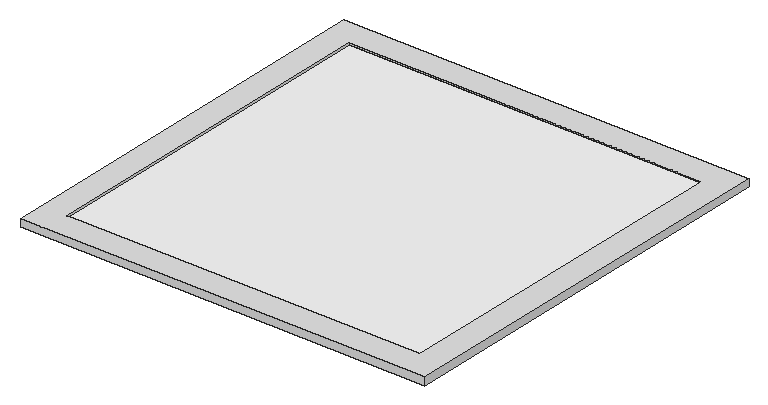
Revit family "LUXI_PANEL LIGHT_LG-E", category Apparecchi per illuminazione, host Superficie, Revit 2016
Family settings
  Host = Superficie
  Tipo di parte = Normale
  Quota connettore circolare = Usa diametro
  Numero OmniClass = 23.80.70.00
  Titolo OmniClass = Lighting
  Taglio con vuoti quando caricato = No
  Sorgente d'illuminazione = Sì
  Condiviso = No
  Punto di calcolo locali = Sì
Parameters (values of type "LPGE036660W940DA")
  Weight = 3.60 kg
  Wattage = 36 W
  built-in parameter 1150103 = 25.582 W
  Warranty = "5 years"  # constant formula
  Variazione temperatura colore lampada con luminosità attenuata = <Nessuno>
  Uniclass 2015 description = "Lighting"  # constant formula
  Uniclass 2015 code = "EF_70_80"  # constant formula
  URL = "https://www.luxi.lighting/"
  built-in parameter 1150107 = 4000 (stored number, unit not read)
  Step MacAdam (SDCM) = "<4"  # constant formula
  Size = "595x595x11"
  Review = "3"  # constant formula
  Rendi la forma visibile nel rendering = no
  Rated supply voltage = "220-240V AC / 50-60 Hz"  # constant formula
  Protection class = "II"  # constant formula
  Prospetto di default = 2000 mm
  Produttore = "Luxi Illuminazione S.r.l."  # constant formula
  Power supply = "Included, dimmable"  # constant formula
  Power factor = "≥0,95 (typ.)"  # constant formula
  Photobiological risk group = "RG0"  # constant formula
  built-in parameter 1150110 = 1 (stored number, unit not read)
  built-in parameter 1150109 = 1 (stored number, unit not read)
  built-in parameter 1114218 = 1 (stored number, unit not read)
  built-in parameter 1150112 = 1 (stored number, unit not read)
  Optics = "Microprismatic panel UGR≤19"  # constant formula
  Operating temperature = "0°C / +40°C"  # constant formula
  OFF1 = 38 mm
  Modello = "LG-E Series | Panel Light"  # constant formula
  built-in parameter 1150137 = 1
  built-in parameter 1150132 = 2
  Material 3 = Sheet Steel
  Material 2 = Extruded Aluminum_White
  Material 1 = High Trasmittance Microprismatic Technopolimer
  Masterformat 2016 description = "Lighting"  # constant formula
  Masterformat 2016 code = "26.50.00"  # constant formula
  Length = 595 mm
  Light source = "LED SMD"  # constant formula
  Light distribution = "Edge light"  # constant formula
  Lifetime = "L70B20 60.000h"  # constant formula
  Width = 595 mm
  built-in parameter 1150105 = 302.39 (stored number, unit not read)
  built-in parameter 1150102 = (empty or 0)
  Installation = "Recessed / ceiling / suspended"  # constant formula
  Impact rating = "IK07 (2 Joule)"  # constant formula
  built-in parameter 1150106 = 3.0239 (stored number, unit not read)
  IFCExportAs = "IFCLightFixtureType"  # constant formula
  H = 11 mm
  Lumens = 3800 lm
  Color Filter = 16777215
  File diagramma fotometrico = "LPGE036660W940DA Luxi SERIE LG-E CRI90 DIM 60x60 36W 4000K.IES"
  built-in parameter 1114217 = 1 (stored number, unit not read)
  built-in parameter 1150139 = (empty or 0)
  Energy class = "A++"  # constant formula
  Emit from Rectangle Length = Length - (2 * OFF1)  # 519 mm
  Emit from Rectangle Width = Width - (2 * OFF1)  # 519 mm
  built-in parameter 1150104 = 13.8 (stored number, unit not read)
  Dust and water protection rating = "IP20, IP 44 (front)"  # constant formula
  built-in parameter 1150115 = 1 (stored number, unit not read)
  built-in parameter 1150114 = 1 (stored number, unit not read)
  built-in parameter 1150113 = 1 (stored number, unit not read)
  Dimming = "1-10V / DALI / PUSH DIM selectable from dip-switch"  # constant formula
  Descrizione = "LED panel, high efficiency"  # constant formula
  built-in parameter 1150134 = 12
  built-in parameter 1150138 = (empty or 0)
  Color = "White"  # constant formula
  Code = "LPGE036660W940DA"
  Certifications = "CE / RohS"  # constant formula
  Ceiling distance [instance] = 0 mm
  Carico apparente = Wattage  # 36 VA
  CRI = "≥90 (typ.)"  # constant formula
  Tilt Angle = -90.00°
  built-in parameter 1150133 = 10 (stored number, unit not read)
Types (3, lengths in mm): name | Weight | Size | Length | Width | File diagramma fotometrico | Emit from Rectangle Length | Emit from Rectangle Width | Code
  (no name) | 3.60 kg | "595x595x11" | 595 | 595 | "LPGE036660W940DA Luxi SERIE LG-E CRI90 DIM 60x60 36W 4000K.IES" | 519 | 519 | "LPGE036660W940DA"
  LPGE036660W940DA | 3.60 kg | "595x595x11" | 595 | 595 | "LPGE036660W940DA Luxi SERIE LG-E CRI90 DIM 60x60 36W 4000K.IES" | 519 | 519 | "LPGE036660W940DA"
  LPGE036312W940DA | 3.80 kg | "295x1295x11" | 1195 | 295 | "LPGE036312W940DA Luxi SERIE LG-E CRI90 DIM 30x120 36W 4000K.IES" | 1119 | 219 | "LPGE036312W940DA"
Reference planes
  plane 1 "Centro (Fronte/Retro)": y = 0
  plane 2: z = 0
  plane 3 "Centro (Sinistra/Destra)": x = 0
  plane 4: y = 297.5
  plane 5: y = -297.5
  plane 6: x = 297.5
  plane 7: x = -297.5
  plane 8: y = 259.5
  plane 9: y = -259.5
  plane 10: x = 259.5
  plane 11: x = -259.5
  plane 12: z = 11
  plane 13: z = 0
  plane 14: z = 9
  plane 15: z = 1
Forms (mm)
  Extrusion 1, solid, material "Extruded Aluminum_White" <- "Material 2"
    sketch origin (0, 0, 0) x (1, 0, 0) y (0, 1, 0)
      loop
        line (-297.5, 297.5) -> (-297.5, -297.5) -> (297.5, -297.5) -> (297.5, 297.5) -> (-297.5, 297.5)
      loop
        line (-259.5, 259.5) -> (-259.5, -259.5) -> (259.5, -259.5) -> (259.5, 259.5) -> (-259.5, 259.5)
    from 0 to 11
  Extrusion 2, solid, material "High Trasmittance Microprismatic Technopolimer" <- "Material 1"
    sketch origin (0, 0, 0) x (1, 0, 0) y (0, 1, 0)
      loop
        line (-259.5, 259.5) -> (-259.5, -259.5) -> (259.5, -259.5) -> (259.5, 259.5) -> (-259.5, 259.5)
    from 1 to 9
  Extrusion 3, solid, material "Extruded Aluminum_White" <- "Material 2"
    sketch origin (0, 0, 0) x (1, 0, 0) y (0, 1, 0)
      loop
        line (-297.5, 297.5) -> (-297.5, -297.5) -> (297.5, -297.5) -> (297.5, 297.5) -> (-297.5, 297.5)
    from 0 to 1
Cuts and joins
  joined: Extrusion 1, Extrusion 3
Dimensions and locks
  equal spacing: plane 7, plane 3 "Centro (Sinistra/Destra)", plane 6
  equal spacing: plane 5, plane 1 "Centro (Fronte/Retro)", plane 4
  "Length": plane 7 to plane 6
  "Width": plane 5 to plane 4
  "OFF1": plane 7 to plane 11
  "OFF1": plane 10 to plane 6
  "OFF1": plane 8 to plane 4
  "OFF1": plane 9 to plane 5
  "H": plane 12 to plane 13
  "Ceiling distance": plane 13 to host face
  locked: plane 12 to plane 14 at 2
  locked: plane 15 to plane 13 at 1
  aligned and locked: plane 2 to host face
  aligned and locked: level to host face
  aligned and locked: Extrusion 1 to plane 13
  aligned and locked: plane 12 to Extrusion 1
  aligned and locked: plane 14 to Extrusion 2
  aligned and locked: plane 12 to imposter light
  aligned and locked: Extrusion 2 to plane 15
  aligned and locked: Extrusion 3 to Extrusion 1
  aligned and locked: Extrusion 3 to Extrusion 2
Automatic sketch dimensions
  host sketch curve to host sketch curve = 2438.4 mm  (x2)
  Extrusion 1 sketch curve to plane 5 = 0 mm
  Extrusion 1 sketch curve to plane 7 = 0 mm
  plane 8 to Extrusion 1 sketch curve = 0 mm
  Extrusion 1 sketch curve to plane 9 = 0 mm
  Extrusion 1 sketch curve to plane 11 = 0 mm
  Extrusion 1 sketch curve to plane 10 = 0 mm
  plane 4 to Extrusion 1 sketch curve = 0 mm
  Extrusion 1 sketch curve to plane 6 = 0 mm
  plane 8 to Extrusion 2 sketch curve = 0 mm
  Extrusion 2 sketch curve to plane 11 = 0 mm
  Extrusion 2 sketch curve to plane 10 = 0 mm
  Extrusion 2 sketch curve to plane 9 = 0 mm
  Extrusion 3 sketch curve to plane 7 = 0 mm
  plane 4 to Extrusion 3 sketch curve = 0 mm
  Extrusion 3 sketch curve to plane 6 = 0 mm
  Extrusion 3 sketch curve to plane 5 = 0 mm
Nested families
  nested 1: "PanelDET" at (0, 0, 0), Largh <- "Width", Lungh <- "Length", Off1 <- "OFF1", type "PanelDET"
    with Off1 38 mm, Lungh 595 mm, Largh 595 mm
Connectors
  electrical at (0, 0, 0), driven by "Wattage"
    settings: on cut or joined group of Extrusion 1, Extrusion 3, index 1, voltage 230 V, apparent load 0 VA, apparent load phase1 36 VA, apparent load phase2 0 VA, apparent load phase3 0 VA, power factor 1, load classification "Altro", number of poles 1, system type 31, power factor state 1, is connector primary yes, connector utility no, sub classification motor no, connector description ""
Definition of nested family "PanelDET"
  Parameters (values of type "PanelDET")
    Off1 [instance] = 93.635 mm
    Lungh [instance] = 1078.827 mm
    Largh [instance] = 899.656 mm
  Reference planes
    plane 1 "Centro (Fronte/Retro)": y = 0
    plane 2: z = 0
    plane 3 "Centro (Sinistra/Destra)": x = 0
  Lines and regions (mm)
    detail lines, in view "Livello rif."
      curve 1: line (-539.414, 449.828, 0) -> (539.414, 449.828, 0)
      curve 2: line (-539.414, -449.828, 0) -> (-539.414, 449.828, 0)
      curve 3: line (539.414, -449.828, 0) -> (-539.414, -449.828, 0)
      curve 4: line (539.414, 449.828, 0) -> (539.414, -449.828, 0)
      curve 5: line (-445.779, 356.193, 0) -> (445.779, 356.193, 0)
      curve 6: line (-445.779, -356.193, 0) -> (-445.779, 356.193, 0)
      curve 7: line (445.779, -356.193, 0) -> (-445.779, -356.193, 0)
      curve 8: line (445.779, 356.193, 0) -> (445.779, -356.193, 0)
  Dimensions and locks
    equal spacing: curve 2, plane 3 "Centro (Sinistra/Destra)", curve 4
    equal spacing: curve 3, plane 1 "Centro (Fronte/Retro)", curve 1
    equal spacing: curve 7, plane 1 "Centro (Fronte/Retro)", curve 5
    equal spacing: curve 6, plane 3 "Centro (Sinistra/Destra)", curve 8
    "Lungh": curve 2 to curve 4
    "Largh": curve 1 to curve 3
    "Off1": curve 5 to curve 1
    "Off1": curve 8 to curve 4
